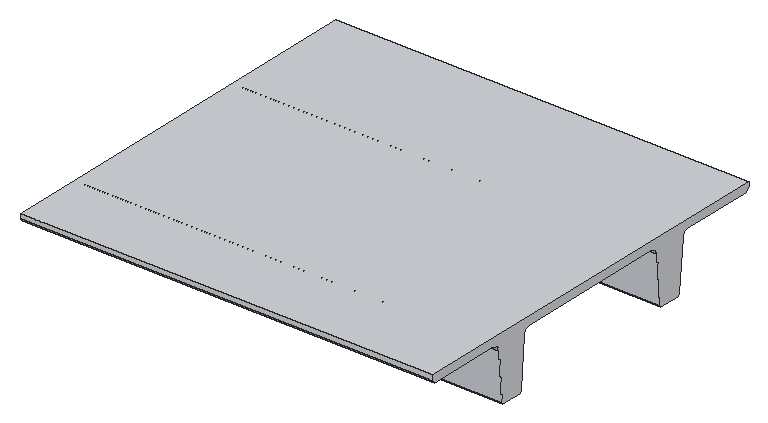
Revit family "TT 40_Precast-Rib deck_Spæncom", category Structural Framing, Revit 2014
Parameters
  Width TT plate [instance] = 2394 mm
  TT plate left (597mm) [instance] = 597 mm
  TT plate right (597mm) [instance] = 597 mm
  TT rib distance = 1200 mm  # constant formula
  Structural Material [instance] = none
  Plate thickness = 50 mm  # constant formula
  Model = "TT40"
  Manufacturer = "Spæncom"
  Length [instance] = 3000 mm
  Height TT = 390 mm  # constant formula
Reference planes
  plane 1 "Center (Front/Back)": y = 0
  plane 2 "Center Elevation": z = 0
  plane 3 "Center (Left/Right)": x = 0
  plane 4 "Left": x = -1500
  plane 5 "Member Left": x = -1250
  plane 6 "Stick Symbol Left": x = -1000
  plane 7 "Right": x = 1500
  plane 8 "Member Right": x = 1250
  plane 9 "Stick Symbol Right": x = 1000
  plane 10: y = 600
  plane 11: y = -600
  plane 12: through (0, 697.255, 303.19) normal (0, -0.9968, 0.0797)
  plane 13: through (0, 526.203, 9.968) normal (0, 0.9968, 0.0797)
  plane 14: through (0, -502.745, 303.19) normal (0, -0.9968, 0.0797)
  plane 15: through (0, -673.797, 9.968) normal (0, 0.9968, 0.0797)
Forms (mm)
  Extrusion 1, solid, material <- "Structural Material"
    sketch origin (0, 0, 0) x (0, 1, 0) y (0, 0, 1)
      loop
        line (1197, 390) -> (-1197, 390) -> (-1197, 360) -> (-1177, 340) -> (-737.128, 340)
        arc (-737.128, 340) -> (-709.995, 329.39) -> (-697.255, 303.19) r 40
        line (-697.255, 303.19) -> (-673.797, 9.968) -> (-663, 0) -> (-537, 0) -> (-526.203, 9.968) -> (-502.745, 303.19)
        arc (-502.745, 303.19) -> (-490.005, 329.39) -> (-462.872, 340) r 40
        line (-462.872, 340) -> (462.872, 340)
        arc (462.872, 340) -> (490.005, 329.39) -> (502.745, 303.19) r 40
        line (502.745, 303.19) -> (526.203, 9.968) -> (537, 0) -> (663, 0) -> (673.797, 9.968) -> (697.255, 303.19)
        arc (697.255, 303.19) -> (709.995, 329.39) -> (737.128, 340) r 40
        line (737.128, 340) -> (1177, 340) -> (1197, 360) -> (1197, 390)
    from -1250 to 1250
Dimensions and locks
  equal spacing: plane 4 "Left", plane 3 "Center (Left/Right)", plane 7 "Right"
  "Length": plane 4 "Left" to plane 7 "Right"
  "Plate thickness": Extrusion 1 to Extrusion 1
  "Height TT": Extrusion 1 to Extrusion 1
  Extrusion 1 to plane 10 = 597 mm
  plane 11 to Extrusion 1 = 597 mm
  "Width TT plate": Extrusion 1 to Extrusion 1
  "TT rib distance": plane 10 to plane 11
  plane 12 to plane 13 = 146 mm
  plane 14 to plane 15 = 146 mm
  "TT plate left (597mm)": Extrusion 1 sketch curve to plane 11
  "TT plate right (597mm)": plane 10 to Extrusion 1 sketch curve
  radius of Extrusion 1 = 40 mm  (x4)
  aligned and locked: level to plane 2 "Center Elevation"
  aligned and locked: Extrusion 1 to plane 8 "Member Right"
  aligned and locked: Extrusion 1 to plane 5 "Member Left"
Automatic sketch dimensions
  Extrusion 1 sketch curve to level = 0 mm  (x2)
  level to Extrusion 1 sketch curve = 360 mm
  Extrusion 1 sketch curve to Extrusion 1 sketch curve = 20 mm  (x3)
  level to Extrusion 1 sketch curve = 303.19 mm  (x4)
  Extrusion 1 sketch curve to Extrusion 1 sketch curve = 39.873 mm  (x4)
  level to Extrusion 1 sketch curve = 9.968 mm  (x4)
  Extrusion 1 sketch curve to Extrusion 1 sketch curve = 23.458 mm  (x2)
  Extrusion 1 sketch curve to Extrusion 1 sketch curve = 10.797 mm  (x4)
  Extrusion 1 sketch curve to Extrusion 1 sketch curve = 126 mm  (x2)
  Extrusion 1 sketch curve to Extrusion 1 sketch curve = 194.51 mm  (x2)
  Extrusion 1 sketch curve to Extrusion 1 sketch curve = 3.19 mm  (x3)
  Extrusion 1 sketch curve to Extrusion 1 sketch curve = 30 mm
  Extrusion 1 sketch curve to plane 15 = 0 mm
  Extrusion 1 sketch curve to plane 13 = 0 mm
